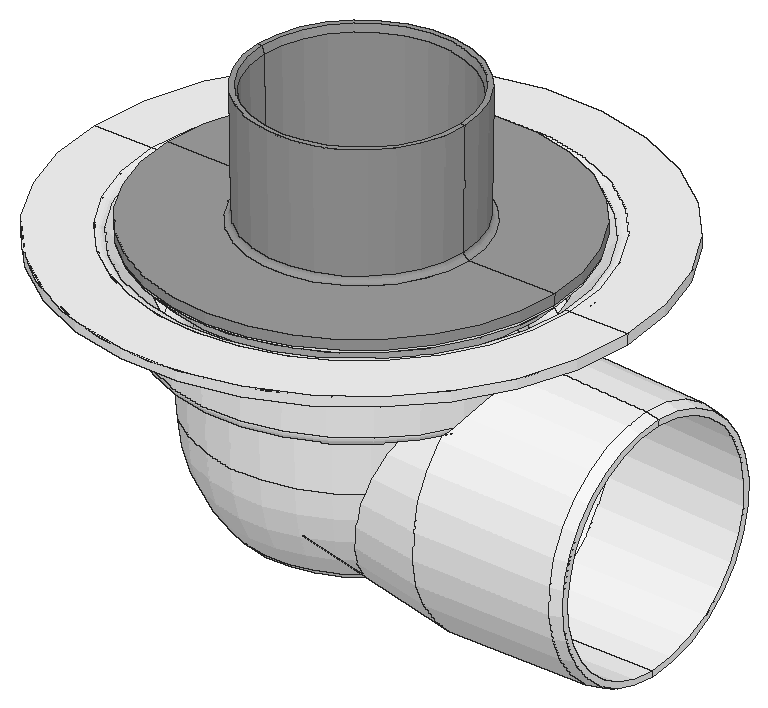
Revit family "3000.119.6-1120.6 Down Pipe Junction 80x100 SE", category Plumbing Fixtures, Revit 2020
Family settings
  Round Connector Dimension = Use Diameter
  Part Type = Normal
  OmniClass Number = 23.13.41.39
  Work Plane-Based = No
  Always vertical = Yes
  Cut with Voids When Loaded = No
  Shared = No
  Room Calculation Point = No
Parameters (values of type "3000.120.6 80x100 Non-Vented")
  Waste Connection = yes
  Vented = no
  Vent Connection = no
  URL = "www.aquaknight.co.nz"
  Phone = "+6498322214"  # constant formula
  Non-Vented = yes
  Model = "3000.120.6"
  Manufacturer = "Aquanight Industries Ltd"  # constant formula
  HW Connection = no
  Email = "info@aquaknight.co.nz"  # constant formula
  Description = "Down-Pipe Junction 80mm Inlet w 100mm Outlet Non-Vented Side Exit Big Flange"
  Default Elevation = 0 mm
  CW Connection = no
Types (2, lengths in mm): name | Vented | Non-Vented | Model | Description
  3000.120.6 80x100 Non-Vented | no | yes | "3000.120.6" | "Down-Pipe Junction 80mm Inlet w 100mm Outlet Non-Vented Side Exit Big Flange"
  3000.119.6 80x100 Vented | yes | no | "3000.119.6" | "Down-Pipe Junction 80mm Inlet w 100mm Outlet Vented Side Exit Big Flange"
Reference planes
  plane 1 "Center (Front/Back)": y = 0
  plane 2: z = 0
  plane 3 "Center (Left/Right)": x = 0
  plane 4: z = 13.565
  plane 5: through (127.099, -1524, -78.504) normal (-0.0262, 0, -0.9997)
  plane 6: through (99.276, -1524, -17.442) normal (0.9997, 0, -0.0262)
Forms (mm)
  Revolve 1, solid, material "Plastic, Glossy White"
    sketch origin (0, 0, -4) x (1, 0, 0) y (0, 0, 1)
      loop
        line (-114.941, 0) -> (-90.95, 0)
        arc (-90.95, 0) -> (-89.953, -0.207) -> (-89.122, -0.795) r 2.5
        line (-89.122, -0.795) -> (-77.37, -13.398)
        arc (-77.37, -13.398) -> (-76.888, -14.146) -> (-76.7, -15.015) r 2.5
        line (-76.7, -15.015) -> (-76.041, -33.863)
        arc (-76.041, -33.863) -> (-74.945, -36.477) -> (-72.392, -37.708) r 4
        line (-72.392, -37.708) -> (-67.747, -38.114)
        arc (-67.747, -38.114) -> (-64.555, -39.654) -> (-63.185, -42.921) r 5
        line (-63.185, -42.921) -> (-62.476, -63.239)
        arc (-62.476, -63.239) -> (-58.06, -84.467) -> (-46.809, -103.001) r 64
        arc (-46.809, -103.001) -> (-43.138, -106) -> (-38.676, -107.602) r 14
        line (-38.676, -107.602) -> (0, -114.422) -> (0, -110.36) -> (-37.763, -103.701)
        arc (-37.763, -103.701) -> (-40.976, -102.549) -> (-43.623, -100.393) r 10.105
        arc (-43.623, -100.393) -> (-54.208, -83.003) -> (-58.363, -63.074) r 59.956
        line (-58.363, -63.074) -> (-59.078, -42.67)
        arc (-59.078, -42.67) -> (-61.586, -36.858) -> (-67.298, -34.13) r 9.009
        line (-67.298, -34.13) -> (-71.95, -33.723) -> (-72.694, -12.447) -> (-86.577, 2.424)
        arc (-86.577, 2.424) -> (-88.235, 3.588) -> (-90.217, 4) r 5.009
        line (-90.217, 4) -> (-115, 4) -> (-114.941, 0)
      loop
        line (-83.294, 3.294) -> (-75.5, -4.5) -> (-73.659, -4.5) -> (-73.659, 0) -> (-75.161, 0) -> (-75.161, 4.5) -> (-83.294, 4.5) -> (-83.294, 3.294)
      axis (0, 4.5) -> (0, -114.422)
    angle from 0 to 360
  Revolve 2, solid, material "Stainless Steel", visible <- "Non-Vented"
    sketch origin (0, 0, 0) x (1, 0, 0) y (0, 0, 1)
      loop
        line (-46.464, 4.5) -> (-83.625, 4.5) -> (-83.625, 0.5) -> (-41.782, 0.5) -> (-38.247, -3.036) -> (-37.445, -3.036) -> (-37.445, 1.118) -> (-41.317, 4.99) -> (-41.948, 52.927) -> (-42.799, 55.995) -> (-44.78, 55.995) -> (-44.137, 6.858)
        arc (-44.137, 6.858) -> (-44.807, 5.192) -> (-46.464, 4.5) r 2.327
      axis (0, 55.995) -> (0, -3.036)
    angle from 0 to 360
  Revolve 3, solid, material "Plastic, Glossy White"
    sketch origin (0, 0, 0) x (1, 0, 0) y (0, 0, 1)
      loop
        line (62.877, -129.509) -> (120.754, -129.866) -> (125.789, -128.55) -> (125.849, -126.257) -> (67.483, -126.259) -> (0, -114.36) -> (0, -118.422) -> (62.877, -129.509)
      axis (127.099, -78.504) -> (1.025, -75.202)
    angle from 0 to 360
  Revolve 4, solid, material "Stainless Steel", visible <- "Vented"
    sketch origin (0, 0, 0) x (1, 0, 0) y (0, 0, 1)
      loop
        line (-44.78, 51.495) -> (-44.191, 6.5) -> (-44.392, 1.764)
        arc (-44.392, 1.764) -> (-44.957, 0.512) -> (-46.232, 0) r 1.842
        line (-46.232, 0) -> (-74.75, 0) -> (-74.75, -4) -> (-41.975, -4) -> (-38.526, -7.448) -> (-37.4, -7.448) -> (-37.771, -3.048) -> (-41.317, 0.488) -> (-41.948, 48.443) -> (-42.799, 51.495) -> (-44.78, 51.495)
      axis (0, 51.495) -> (0, -7.448)
    angle from 0 to 360
  Extrusion 5, void
    sketch origin (0, 0, 0) x (0, 1, 0) y (-1, 0, 0)
      loop
        line (45.078, 12.317) -> (45.855, 8.951) -> (69.299, 12.343)
        arc (69.299, 12.343) -> (68.531, 16.057) -> (67.563, 19.725) r 70.4
        line (67.563, 19.725) -> (45.078, 12.317)
      loop
        line (42.254, 19.958) -> (43.604, 16.778) -> (66.103, 24.189)
        arc (66.103, 24.189) -> (64.701, 27.714) -> (63.112, 31.157) r 70.4
        line (63.112, 31.157) -> (42.254, 19.958)
      loop
        arc (60.898, 35.301) -> (58.906, 38.528) -> (56.743, 41.643) r 70.4
        line (56.743, 41.643) -> (38.147, 26.992) -> (40.028, 24.095) -> (60.898, 35.301)
      loop
        arc (53.843, 45.339) -> (51.321, 48.171) -> (48.649, 50.864) r 70.4
        line (48.649, 50.864) -> (32.88, 33.206) -> (35.236, 30.679) -> (53.843, 45.339)
      loop
        arc (45.152, 54) -> (42.176, 56.351) -> (39.078, 58.539) r 70.4
        line (39.078, 58.539) -> (26.614, 38.411) -> (29.374, 36.332) -> (45.152, 54)
      loop
        arc (35.089, 61.02) -> (31.75, 62.819) -> (28.319, 64.435) r 70.4
        line (28.319, 64.435) -> (19.54, 42.449) -> (22.618, 40.881) -> (35.089, 61.02)
      loop
        arc (23.96, 66.186) -> (20.359, 67.378) -> (16.7, 68.374) r 70.4
        line (16.7, 68.374) -> (11.872, 45.197) -> (15.176, 44.187) -> (23.96, 66.186)
      loop
        arc (12.103, 69.341) -> (8.35, 69.89) -> (4.573, 70.235) r 70.4
        line (4.573, 70.235) -> (3.843, 46.572) -> (7.272, 46.151) -> (12.103, 69.341)
      loop
        arc (-0.122, 70.39) -> (-3.913, 70.278) -> (-7.693, 69.962) r 70.4
        line (-7.693, 69.962) -> (-4.302, 46.532) -> (-0.852, 46.713) -> (-0.122, 70.39)
      loop
        arc (-12.343, 69.299) -> (-16.057, 68.531) -> (-19.725, 67.563) r 70.4
        line (-19.725, 67.563) -> (-12.317, 45.078) -> (-8.951, 45.855) -> (-12.343, 69.299)
      loop
        line (-19.958, 42.254) -> (-16.778, 43.604) -> (-24.189, 66.103)
        arc (-24.189, 66.103) -> (-27.714, 64.701) -> (-31.157, 63.112) r 70.4
        line (-31.157, 63.112) -> (-19.958, 42.254)
      loop
        arc (-35.301, 60.898) -> (-38.528, 58.906) -> (-41.643, 56.743) r 70.4
        line (-41.643, 56.743) -> (-26.992, 38.147) -> (-24.095, 40.028) -> (-35.301, 60.898)
      loop
        arc (-45.339, 53.843) -> (-48.171, 51.321) -> (-50.864, 48.649) r 70.4
        line (-50.864, 48.649) -> (-33.206, 32.88) -> (-30.679, 35.236) -> (-45.339, 53.843)
      loop
        arc (-54, 45.152) -> (-56.351, 42.176) -> (-58.539, 39.078) r 70.4
        line (-58.539, 39.078) -> (-38.411, 26.614) -> (-36.332, 29.374) -> (-54, 45.152)
      loop
        arc (-61.02, 35.089) -> (-62.819, 31.75) -> (-64.435, 28.319) r 70.4
        line (-64.435, 28.319) -> (-42.449, 19.54) -> (-40.881, 22.618) -> (-61.02, 35.089)
      loop
        arc (-66.186, 23.96) -> (-67.378, 20.359) -> (-68.374, 16.7) r 70.4
        line (-68.374, 16.7) -> (-45.197, 11.872) -> (-44.187, 15.176) -> (-66.186, 23.96)
      loop
        arc (-69.341, 12.103) -> (-69.89, 8.35) -> (-70.235, 4.573) r 70.4
        line (-70.235, 4.573) -> (-46.572, 3.843) -> (-46.151, 7.272) -> (-69.341, 12.103)
      loop
        arc (-70.39, -0.122) -> (-70.278, -3.913) -> (-69.962, -7.693) r 70.4
        line (-69.962, -7.693) -> (-46.532, -4.302) -> (-46.713, -0.852) -> (-70.39, -0.122)
      loop
        arc (-69.299, -12.343) -> (-68.531, -16.057) -> (-67.563, -19.725) r 70.4
        line (-67.563, -19.725) -> (-45.078, -12.317) -> (-45.855, -8.951) -> (-69.299, -12.343)
      loop
        arc (-66.103, -24.189) -> (-64.701, -27.714) -> (-63.112, -31.157) r 70.4
        line (-63.112, -31.157) -> (-42.254, -19.958) -> (-43.604, -16.778) -> (-66.103, -24.189)
      loop
        arc (-60.898, -35.301) -> (-58.906, -38.528) -> (-56.743, -41.643) r 70.4
        line (-56.743, -41.643) -> (-38.147, -26.992) -> (-40.028, -24.095) -> (-60.898, -35.301)
      loop
        arc (-53.843, -45.339) -> (-51.321, -48.171) -> (-48.649, -50.864) r 70.4
        line (-48.649, -50.864) -> (-32.88, -33.206) -> (-35.236, -30.679) -> (-53.843, -45.339)
      loop
        arc (-45.152, -54) -> (-42.176, -56.351) -> (-39.078, -58.539) r 70.4
        line (-39.078, -58.539) -> (-26.614, -38.411) -> (-29.374, -36.332) -> (-45.152, -54)
      loop
        arc (-35.089, -61.02) -> (-31.75, -62.819) -> (-28.319, -64.435) r 70.4
        line (-28.319, -64.435) -> (-19.54, -42.449) -> (-22.618, -40.881) -> (-35.089, -61.02)
      loop
        arc (-23.96, -66.186) -> (-20.359, -67.378) -> (-16.7, -68.374) r 70.4
        line (-16.7, -68.374) -> (-11.872, -45.197) -> (-15.176, -44.187) -> (-23.96, -66.186)
      loop
        arc (-12.103, -69.341) -> (-8.35, -69.89) -> (-4.573, -70.235) r 70.4
        line (-4.573, -70.235) -> (-3.843, -46.572) -> (-7.272, -46.151) -> (-12.103, -69.341)
      loop
        arc (0.122, -70.39) -> (3.913, -70.278) -> (7.693, -69.962) r 70.4
        line (7.693, -69.962) -> (4.302, -46.532) -> (0.852, -46.713) -> (0.122, -70.39)
      loop
        arc (12.343, -69.299) -> (16.057, -68.531) -> (19.725, -67.563) r 70.4
        line (19.725, -67.563) -> (12.317, -45.078) -> (8.951, -45.855) -> (12.343, -69.299)
      loop
        line (46.532, 4.302) -> (46.713, 0.852) -> (70.39, 0.122)
        arc (70.39, 0.122) -> (70.278, 3.913) -> (69.962, 7.693) r 70.4
        line (69.962, 7.693) -> (46.532, 4.302)
      loop
        line (46.572, -3.843) -> (46.151, -7.272) -> (69.341, -12.103)
        arc (69.341, -12.103) -> (69.89, -8.35) -> (70.235, -4.573) r 70.4
        line (70.235, -4.573) -> (46.572, -3.843)
      loop
        line (44.187, -15.176) -> (66.186, -23.96)
        arc (66.186, -23.96) -> (67.378, -20.359) -> (68.374, -16.7) r 70.4
        line (68.374, -16.7) -> (45.197, -11.872) -> (44.187, -15.176)
      loop
        line (42.449, -19.54) -> (40.881, -22.618) -> (61.02, -35.089)
        arc (61.02, -35.089) -> (62.819, -31.75) -> (64.435, -28.319) r 70.4
        line (64.435, -28.319) -> (42.449, -19.54)
      loop
        line (38.411, -26.614) -> (36.332, -29.374) -> (54, -45.152)
        arc (54, -45.152) -> (56.351, -42.176) -> (58.539, -39.078) r 70.4
        line (58.539, -39.078) -> (38.411, -26.614)
      loop
        line (30.679, -35.236) -> (45.339, -53.843)
        arc (45.339, -53.843) -> (48.171, -51.321) -> (50.864, -48.649) r 70.4
        line (50.864, -48.649) -> (33.206, -32.88) -> (30.679, -35.236)
      loop
        line (24.095, -40.028) -> (35.301, -60.898)
        arc (35.301, -60.898) -> (38.528, -58.906) -> (41.643, -56.743) r 70.4
        line (41.643, -56.743) -> (26.992, -38.147) -> (24.095, -40.028)
      loop
        line (16.778, -43.604) -> (24.189, -66.103)
        arc (24.189, -66.103) -> (27.714, -64.701) -> (31.157, -63.112) r 70.4
        line (31.157, -63.112) -> (19.958, -42.254) -> (16.778, -43.604)
    from -16.447 to 75.924
Cuts and joins
  Extrusion 5 cuts Revolve 4
Lines and regions (mm)
  Masking region 1
    outline origin (0, 0, 0) x (0, 1, 0) y (-1, 0, 0)
      loop
        circle (0, 0) r 115
  model lines, detail levels fine
    curve 1: circle (-57.543, 56.127, 0) r 4 normal (0, 0, 1)
    curve 2: circle (55.594, 56.127, 0) r 4 normal (0, 0, 1)
    curve 3: circle (55.594, -57.01, 0) r 4 normal (0, 0, 1)
    curve 4: circle (-57.543, -57.01, 0) r 4 normal (0, 0, 1)
    curve 6: circle (-0.114, 104.919, 0) r 4.5 normal (0, 0, 1)
    curve 7: circle (-91.047, 52.419, 0) r 4.5 normal (0, 0, 1)
    curve 8: circle (90.819, 52.419, 0) r 4.5 normal (0, 0, 1)
    curve 9: circle (90.819, -52.581, 0) r 4.5 normal (0, 0, 1)
    curve 10: circle (-0.114, -105.081, 0) r 4.5 normal (0, 0, 1)
    curve 11: circle (-91.047, -52.581, 0) r 4.5 normal (0, 0, 1)
    curve 12: circle (0, 105, 0) r 4.5 normal (0, 0, 1)
  model lines
    curve 5: line (125.849, 0, -126.257) -> (128.35, 0, -30.751)
  symbolic lines, detail levels fine
    curve 13: circle (-90.933, 52.5, 0) r 4.5 normal (0, 0, 1)
    curve 14: circle (-90.933, -52.5, 0) r 4.5 normal (0, 0, 1)
    curve 15: circle (0, -105, 0) r 4.5 normal (0, 0, 1)
    curve 16: circle (90.933, -52.5, 0) r 4.5 normal (0, 0, 1)
    curve 17: circle (90.933, 52.5, 0) r 4.5 normal (0, 0, 1)
    curve 18: circle (0, 105, 0) r 4.5 normal (0, 0, 1)
  symbolic lines, detail levels medium+fine
    curve 19: circle (0, 0, 0) r 86.577 normal (0, 0, 1)
    curve 21: circle (0, 0, 0) r 41.975 normal (0, 0, 1)
    curve 22: circle (0, 0, 0) r 37.4 normal (0, 0, 1)
  symbolic lines, visible <- "Non-Vented", detail levels medium+fine
    curve 20: circle (0, 0, 0) r 75.5 normal (0, 0, 1)
Dimensions and locks
  locked: plane 4 to level at 13.565
  locked: connector elem to plane 3 "Center (Left/Right)"
  locked: connector elem to plane 1 "Center (Front/Back)"  (x2)
  locked: connector elem to plane 5
  aligned and locked: level to plane 2
  aligned and locked: Revolve 1 sketch curve to Revolve 1 sketch curve
  aligned and locked: Revolve 3 sketch curve to curve 5
  aligned and locked: Revolve 3 sketch curve to plane 3 "Center (Left/Right)"
  aligned and locked: Revolve 3 sketch curve to plane 5
  aligned and locked: Revolve 1 to Revolve 4 sketch curve
  aligned and locked: curve 18 to curve 12
Automatic sketch dimensions
  plane 1 "Center (Front/Back)" to curve 4 = 57.01 mm
  curve 2 to plane 1 "Center (Front/Back)" = 56.127 mm
  curve 4 to plane 3 "Center (Left/Right)" = 57.543 mm
  Revolve 1 sketch curve to level = 0 mm
  Revolve 1 sketch curve to plane 3 "Center (Left/Right)" = 0 mm
  Revolve 1 sketch curve to level = 4.795 mm
  Revolve 1 sketch curve to level = 0.706 mm
  Revolve 1 sketch curve to level = 17.398 mm
  Revolve 1 sketch curve to level = 19.015 mm
  Revolve 1 sketch curve to level = 37.863 mm
  Revolve 1 sketch curve to level = 8.5 mm
  Revolve 1 sketch curve to level = 41.708 mm
  Revolve 1 sketch curve to Revolve 1 sketch curve = 0.106 mm
  Revolve 1 sketch curve to level = 42.114 mm
  level to Revolve 1 sketch curve = 0.5 mm
  Revolve 1 sketch curve to Revolve 1 sketch curve = 0.448 mm
  Revolve 1 sketch curve to level = 38.13 mm
  Revolve 1 sketch curve to Revolve 1 sketch curve = 0.001 mm
  Revolve 1 sketch curve to Revolve 1 sketch curve = 3.186 mm
  Revolve 1 sketch curve to Revolve 1 sketch curve = 0 mm  (x9)
  Revolve 1 sketch curve to Revolve 1 sketch curve = 0.71 mm
  Revolve 1 sketch curve to Revolve 1 sketch curve = 4.947 mm
  Revolve 1 sketch curve to Revolve 1 sketch curve = 4.112 mm
  Revolve 1 sketch curve to Revolve 1 sketch curve = 0.913 mm
  Revolve 3 sketch curve to plane 3 "Center (Left/Right)" = 9.429 mm
  Revolve 3 sketch curve to level = 78.504 mm
  Revolve 2 sketch curve to plane 3 "Center (Left/Right)" = 0 mm
  Revolve 2 sketch curve to plane 4 = 6.737 mm
  level to Revolve 2 sketch curve = 0.5 mm
  Revolve 2 sketch curve to Revolve 2 sketch curve = 37.161 mm
  Revolve 2 sketch curve to plane 4 = 6.707 mm
  Revolve 2 sketch curve to Revolve 2 sketch curve = 4.681 mm
  Revolve 2 sketch curve to Revolve 2 sketch curve = 3.536 mm
  Revolve 2 sketch curve to Revolve 2 sketch curve = 0.802 mm
  Revolve 2 sketch curve to level = 3.036 mm
  level to Revolve 2 sketch curve = 1.118 mm
  level to Revolve 2 sketch curve = 4.99 mm
  Revolve 2 sketch curve to plane 4 = 2.069 mm
  Revolve 2 sketch curve to Revolve 2 sketch curve = 25.5 mm
  Revolve 1 sketch curve to plane 3 "Center (Left/Right)" = 36.008 mm
  Revolve 1 sketch curve to Revolve 1 sketch curve = 0.237 mm
  Revolve 1 sketch curve to Revolve 1 sketch curve = 2.431 mm
  Revolve 1 sketch curve to Revolve 1 sketch curve = 22.833 mm
  Revolve 1 sketch curve to Revolve 1 sketch curve = 3.398 mm
  Revolve 1 sketch curve to Revolve 1 sketch curve = 4.561 mm
  Revolve 1 sketch curve to Revolve 1 sketch curve = 4.891 mm
  Revolve 1 sketch curve to Revolve 1 sketch curve = 4.652 mm
  Revolve 1 sketch curve to Revolve 1 sketch curve = 0.093 mm
  Revolve 1 sketch curve to Revolve 1 sketch curve = 0.349 mm
  Revolve 1 sketch curve to level = 16.447 mm
  Revolve 1 sketch curve to Revolve 1 sketch curve = 0.65 mm
  Revolve 1 sketch curve to Revolve 1 sketch curve = 0.964 mm
  Revolve 1 sketch curve to Revolve 1 sketch curve = 1.502 mm
  Revolve 1 sketch curve to Revolve 1 sketch curve = 1.841 mm
  Revolve 1 sketch curve to Revolve 1 sketch curve = 3.998 mm
  Revolve 1 sketch curve to Revolve 1 sketch curve = 4.005 mm
  Revolve 1 sketch curve to Revolve 1 sketch curve = 0.67 mm
  Revolve 1 sketch curve to Revolve 1 sketch curve = 1.828 mm
  Revolve 1 sketch curve to Revolve 1 sketch curve = 8.133 mm
  Revolve 1 sketch curve to level = 1.576 mm
  Revolve 1 sketch curve to Revolve 1 sketch curve = 3.283 mm
  Revolve 1 sketch curve to Revolve 1 sketch curve = 2.545 mm
  Revolve 1 sketch curve to Revolve 1 sketch curve = 3.64 mm
  Revolve 1 sketch curve to Revolve 1 sketch curve = 1.102 mm
  Revolve 1 sketch curve to Revolve 1 sketch curve = 0.726 mm
  Revolve 1 sketch curve to level = 4 mm  (x2)
  Revolve 1 sketch curve to Revolve 1 sketch curve = 23.991 mm
  Revolve 1 sketch curve to Revolve 1 sketch curve = 0.059 mm
  plane 3 "Center (Left/Right)" to Revolve 1 sketch curve = 1.485 mm
  Revolve 1 sketch curve to Revolve 1 sketch curve = 0.071 mm
  Revolve 1 sketch curve to Revolve 1 sketch curve = 30.51 mm
  Revolve 1 sketch curve to Revolve 1 sketch curve = 0.065 mm
  Revolve 1 sketch curve to Revolve 1 sketch curve = 13.787 mm
  Revolve 1 sketch curve to Revolve 1 sketch curve = 2.758 mm
  Revolve 1 sketch curve to Revolve 1 sketch curve = 4.062 mm
  Revolve 1 sketch curve to Revolve 1 sketch curve = 0.028 mm
  Revolve 1 sketch curve to Revolve 1 sketch curve = 0.01 mm
  Revolve 1 sketch curve to Revolve 1 sketch curve = 0.251 mm
  Revolve 1 sketch curve to Revolve 1 sketch curve = 2.609 mm
  Revolve 2 sketch curve to plane 3 "Center (Left/Right)" = 37.445 mm
  Revolve 2 sketch curve to Revolve 2 sketch curve = 0.465 mm
  Revolve 2 sketch curve to plane 3 "Center (Left/Right)" = 41.948 mm
  Revolve 2 sketch curve to Revolve 2 sketch curve = 0.851 mm
  Revolve 2 sketch curve to Revolve 2 sketch curve = 2.327 mm
  Revolve 2 sketch curve to Revolve 2 sketch curve = 1.98 mm
  Revolve 2 sketch curve to Revolve 2 sketch curve = 3.068 mm
  plane 3 "Center (Left/Right)" to Revolve 3 sketch curve = 62.877 mm
  Revolve 3 sketch curve to Revolve 3 sketch curve = 4.607 mm
  Revolve 3 sketch curve to Revolve 3 sketch curve = 6.346 mm
  Revolve 3 sketch curve to Revolve 3 sketch curve = 5.035 mm
  Revolve 3 sketch curve to Revolve 3 sketch curve = 0.06 mm
  Revolve 3 sketch curve to Revolve 3 sketch curve = 0.958 mm
  Revolve 3 sketch curve to Revolve 3 sketch curve = 1.316 mm
  Revolve 3 sketch curve to Revolve 3 sketch curve = 3.249 mm
  Revolve 3 sketch curve to Revolve 3 sketch curve = 43.493 mm
  Revolve 3 sketch curve to Revolve 3 sketch curve = 4.062 mm
  Revolve 4 sketch curve to level = 0 mm
  Revolve 4 sketch curve to plane 3 "Center (Left/Right)" = 0 mm
  Revolve 4 sketch curve to Revolve 4 sketch curve = 4.915 mm
  level to Revolve 4 sketch curve = 1.842 mm
  Revolve 4 sketch curve to plane 4 = 3.749 mm
  Revolve 4 sketch curve to Revolve 4 sketch curve = 11.373 mm
  Revolve 4 sketch curve to level = 7.448 mm
  Revolve 4 sketch curve to plane 3 "Center (Left/Right)" = 37.4 mm
  Revolve 4 sketch curve to level = 3.048 mm
  Revolve 4 sketch curve to Revolve 4 sketch curve = 0.372 mm
  Revolve 4 sketch curve to Revolve 4 sketch curve = 1.127 mm
  level to Revolve 4 sketch curve = 0.488 mm
  Revolve 4 sketch curve to Revolve 4 sketch curve = 3.546 mm
  Revolve 4 sketch curve to plane 3 "Center (Left/Right)" = 41.948 mm
  Revolve 4 sketch curve to Revolve 4 sketch curve = 4.203 mm
  Revolve 4 sketch curve to Revolve 4 sketch curve = 0.851 mm
  level to Revolve 4 sketch curve = 6.5 mm
  Revolve 4 sketch curve to Revolve 4 sketch curve = 2.874 mm
  level to Revolve 4 sketch curve = 1.764 mm
  Revolve 4 sketch curve to Revolve 4 sketch curve = 1.98 mm
  Revolve 4 sketch curve to Revolve 4 sketch curve = 28.518 mm
  plane 4 to Revolve 4 sketch curve = 34.878 mm
  Revolve 4 sketch curve to Revolve 4 sketch curve = 3.052 mm
  curve 1 to plane 1 "Center (Front/Back)" = 56.127 mm
  curve 1 to plane 3 "Center (Left/Right)" = 57.543 mm
  plane 3 "Center (Left/Right)" to curve 2 = 55.594 mm
  plane 1 "Center (Front/Back)" to curve 3 = 57.01 mm
  plane 3 "Center (Left/Right)" to curve 3 = 55.594 mm
  Revolve 1 to Extrusion 5 sketch curve = 0 mm  (x2)
  Extrusion 5 sketch curve to Revolve 1 = 45.078 mm
  Extrusion 5 sketch curve to Extrusion 5 sketch curve = 0.777 mm  (x4)
  Extrusion 5 sketch curve to Extrusion 5 sketch curve = 22.485 mm
  Extrusion 5 sketch curve to Extrusion 5 sketch curve = 1.736 mm  (x3)
  Extrusion 5 sketch curve to Extrusion 5 sketch curve = 9.009 mm
  Extrusion 5 sketch curve to Extrusion 5 sketch curve = 3.366 mm  (x4)
  Extrusion 5 sketch curve to Extrusion 5 sketch curve = 3.392 mm
  Extrusion 5 sketch curve to Revolve 1 = 0.01 mm  (x2)
  Extrusion 5 sketch curve to Extrusion 5 sketch curve = 2.824 mm  (x2)
  Extrusion 5 sketch curve to Extrusion 5 sketch curve = 1.35 mm  (x4)
  Extrusion 5 sketch curve to Extrusion 5 sketch curve = 4.452 mm  (x2)
  Extrusion 5 sketch curve to Extrusion 5 sketch curve = 1.46 mm  (x3)
  Extrusion 5 sketch curve to Extrusion 5 sketch curve = 0.001 mm  (x6)
  Extrusion 5 sketch curve to Extrusion 5 sketch curve = 4.46 mm  (x2)
  Extrusion 5 sketch curve to Extrusion 5 sketch curve = 3.18 mm  (x4)
  Extrusion 5 sketch curve to Extrusion 5 sketch curve = 4.465 mm  (x4)
  Extrusion 5 sketch curve to Extrusion 5 sketch curve = 0.01 mm  (x7)
  Extrusion 5 sketch curve to Extrusion 5 sketch curve = 4.108 mm  (x2)
  Extrusion 5 sketch curve to Extrusion 5 sketch curve = 1.882 mm  (x4)
  Extrusion 5 sketch curve to Extrusion 5 sketch curve = 6.369 mm  (x2)
  Extrusion 5 sketch curve to Extrusion 5 sketch curve = 2.213 mm  (x3)
  Extrusion 5 sketch curve to Extrusion 5 sketch curve = 0.003 mm  (x4)
  Extrusion 5 sketch curve to Extrusion 5 sketch curve = 4.137 mm
  Extrusion 5 sketch curve to Extrusion 5 sketch curve = 2.897 mm  (x4)
  Extrusion 5 sketch curve to Extrusion 5 sketch curve = 4.143 mm  (x4)
  Extrusion 5 sketch curve to Extrusion 5 sketch curve = 0.009 mm  (x6)
  Extrusion 5 sketch curve to Extrusion 5 sketch curve = 5.267 mm  (x2)
  Extrusion 5 sketch curve to Extrusion 5 sketch curve = 2.356 mm  (x4)
  Extrusion 5 sketch curve to Extrusion 5 sketch curve = 8.093 mm  (x2)
  Extrusion 5 sketch curve to Extrusion 5 sketch curve = 2.899 mm  (x3)
  Extrusion 5 sketch curve to Extrusion 5 sketch curve = 0.004 mm  (x6)
  Extrusion 5 sketch curve to Extrusion 5 sketch curve = 3.687 mm
  Extrusion 5 sketch curve to Extrusion 5 sketch curve = 2.527 mm  (x4)
  Extrusion 5 sketch curve to Extrusion 5 sketch curve = 3.696 mm  (x4)
  Extrusion 5 sketch curve to Extrusion 5 sketch curve = 0.008 mm  (x6)
  Extrusion 5 sketch curve to Extrusion 5 sketch curve = 6.266 mm  (x2)
  Extrusion 5 sketch curve to Extrusion 5 sketch curve = 2.759 mm  (x4)
  Extrusion 5 sketch curve to Extrusion 5 sketch curve = 9.571 mm  (x2)
  Extrusion 5 sketch curve to Extrusion 5 sketch curve = 3.497 mm  (x3)
  Extrusion 5 sketch curve to Extrusion 5 sketch curve = 0.006 mm  (x6)
  Extrusion 5 sketch curve to Extrusion 5 sketch curve = 3.126 mm
  Extrusion 5 sketch curve to Extrusion 5 sketch curve = 2.079 mm  (x4)
  Extrusion 5 sketch curve to Extrusion 5 sketch curve = 3.136 mm  (x4)
  Extrusion 5 sketch curve to Extrusion 5 sketch curve = 0.007 mm  (x6)
  Extrusion 5 sketch curve to Extrusion 5 sketch curve = 7.074 mm  (x2)
  Extrusion 5 sketch curve to Extrusion 5 sketch curve = 3.078 mm  (x4)
  Extrusion 5 sketch curve to Extrusion 5 sketch curve = 10.759 mm  (x2)
  Extrusion 5 sketch curve to Extrusion 5 sketch curve = 3.989 mm  (x3)
  Extrusion 5 sketch curve to Extrusion 5 sketch curve = 2.47 mm
  Extrusion 5 sketch curve to Extrusion 5 sketch curve = 1.568 mm  (x4)
  Extrusion 5 sketch curve to Extrusion 5 sketch curve = 2.482 mm  (x4)
  Extrusion 5 sketch curve to Extrusion 5 sketch curve = 7.668 mm  (x2)
  Extrusion 5 sketch curve to Extrusion 5 sketch curve = 3.304 mm  (x4)
  Extrusion 5 sketch curve to Extrusion 5 sketch curve = 11.619 mm  (x2)
  Extrusion 5 sketch curve to Extrusion 5 sketch curve = 4.359 mm  (x3)
  Extrusion 5 sketch curve to Extrusion 5 sketch curve = 1.738 mm
  Extrusion 5 sketch curve to Extrusion 5 sketch curve = 1.01 mm  (x4)
  Extrusion 5 sketch curve to Extrusion 5 sketch curve = 1.751 mm  (x4)
  Extrusion 5 sketch curve to Revolve 1 = 3.843 mm
  Extrusion 5 sketch curve to Revolve 1 = 4.573 mm
  Extrusion 5 sketch curve to Extrusion 5 sketch curve = 3.429 mm  (x4)
  Extrusion 5 sketch curve to Extrusion 5 sketch curve = 4.597 mm  (x3)
  Extrusion 5 sketch curve to Extrusion 5 sketch curve = 0.954 mm
  Extrusion 5 sketch curve to Extrusion 5 sketch curve = 0.421 mm  (x4)
  Extrusion 5 sketch curve to Extrusion 5 sketch curve = 0.968 mm  (x4)
  Revolve 1 to Extrusion 5 sketch curve = 0.852 mm
  Extrusion 5 sketch curve to Extrusion 5 sketch curve = 3.45 mm  (x4)
  Extrusion 5 sketch curve to Extrusion 5 sketch curve = 7.571 mm  (x3)
  Extrusion 5 sketch curve to Extrusion 5 sketch curve = 0.273 mm
  Extrusion 5 sketch curve to Extrusion 5 sketch curve = 4.649 mm  (x2)
  Extrusion 5 sketch curve to Extrusion 5 sketch curve = 4.651 mm  (x3)
  Extrusion 5 sketch curve to Extrusion 5 sketch curve = 7.381 mm  (x3)
  Extrusion 5 sketch curve to Extrusion 5 sketch curve = 1.454 mm
  Extrusion 5 sketch curve to Extrusion 5 sketch curve = 2.399 mm
  Extrusion 5 sketch curve to Extrusion 5 sketch curve = 1.494 mm
  Revolve 1 to Extrusion 5 sketch curve = 12.343 mm
  Extrusion 5 sketch curve to Extrusion 5 sketch curve = 0.181 mm  (x4)
  Extrusion 5 sketch curve to Extrusion 5 sketch curve = 7.641 mm
  Extrusion 5 sketch curve to Extrusion 5 sketch curve = 6.968 mm  (x2)
  Extrusion 5 sketch curve to Extrusion 5 sketch curve = 6.342 mm  (x2)
  Extrusion 5 sketch curve to Extrusion 5 sketch curve = 7.034 mm  (x2)
  Extrusion 5 sketch curve to Extrusion 5 sketch curve = 5.525 mm  (x2)
  Extrusion 5 sketch curve to Extrusion 5 sketch curve = 6.214 mm  (x2)
  Extrusion 5 sketch curve to Extrusion 5 sketch curve = 4.539 mm  (x2)
  Extrusion 5 sketch curve to Extrusion 5 sketch curve = 5.205 mm  (x2)
  Extrusion 5 sketch curve to Extrusion 5 sketch curve = 3.415 mm  (x2)
  Extrusion 5 sketch curve to Extrusion 5 sketch curve = 4.038 mm  (x2)
  Extrusion 5 sketch curve to Extrusion 5 sketch curve = 2.187 mm  (x2)
  Extrusion 5 sketch curve to Extrusion 5 sketch curve = 2.748 mm  (x2)
  Extrusion 5 sketch curve to Extrusion 5 sketch curve = 0.893 mm  (x2)
  Extrusion 5 sketch curve to Extrusion 5 sketch curve = 1.375 mm  (x2)
  Extrusion 5 sketch curve to Extrusion 5 sketch curve = 8.029 mm
  Extrusion 5 sketch curve to Extrusion 5 sketch curve = 12.127 mm
  Extrusion 5 sketch curve to Extrusion 5 sketch curve = 0.155 mm  (x3)
  Extrusion 5 sketch curve to Extrusion 5 sketch curve = 0.428 mm  (x3)
  Extrusion 5 sketch curve to Extrusion 5 sketch curve = 0.141 mm  (x2)
  Extrusion 5 sketch curve to Extrusion 5 sketch curve = 3.39 mm
  Extrusion 5 sketch curve to Extrusion 5 sketch curve = 0.116 mm
  Extrusion 5 sketch curve to Extrusion 5 sketch curve = 0.663 mm  (x3)
  Extrusion 5 sketch curve to Extrusion 5 sketch curve = 0.677 mm  (x3)
  Extrusion 5 sketch curve to Extrusion 5 sketch curve = 7.407 mm
  Extrusion 5 sketch curve to Extrusion 5 sketch curve = 2.991 mm
  Extrusion 5 sketch curve to Extrusion 5 sketch curve = 1.474 mm  (x2)
  Revolve 1 to Extrusion 5 sketch curve = 0.01 mm  (x2)
  Extrusion 5 sketch curve to Extrusion 5 sketch curve = 11.199 mm
  Extrusion 5 sketch curve to Extrusion 5 sketch curve = 4.156 mm
  Extrusion 5 sketch curve to Extrusion 5 sketch curve = 2.226 mm
  Extrusion 5 sketch curve to Extrusion 5 sketch curve = 5.194 mm
  Extrusion 5 sketch curve to Extrusion 5 sketch curve = 2.91 mm
  Extrusion 5 sketch curve to Extrusion 5 sketch curve = 6.074 mm
  Extrusion 5 sketch curve to Extrusion 5 sketch curve = 3.507 mm
  Extrusion 5 sketch curve to Extrusion 5 sketch curve = 6.77 mm
  Extrusion 5 sketch curve to Extrusion 5 sketch curve = 3.996 mm
  Extrusion 5 sketch curve to Extrusion 5 sketch curve = 7.26 mm
  Extrusion 5 sketch curve to Extrusion 5 sketch curve = 4.364 mm
  Extrusion 5 sketch curve to Extrusion 5 sketch curve = 4.6 mm
  Revolve 1 to Extrusion 5 sketch curve = 4.573 mm
  Extrusion 5 sketch curve to Revolve 1 = 0.122 mm
  Extrusion 5 sketch curve to Revolve 1 = 0.852 mm
  Extrusion 5 sketch curve to Extrusion 5 sketch curve = 12.221 mm
  Extrusion 5 sketch curve to Extrusion 5 sketch curve = 8.099 mm
  Extrusion 5 sketch curve to Extrusion 5 sketch curve = 0.562 mm
  Extrusion 5 sketch curve to Extrusion 5 sketch curve = 1.048 mm
  Extrusion 5 sketch curve to Extrusion 5 sketch curve = 12.225 mm
  Extrusion 5 sketch curve to Extrusion 5 sketch curve = 8.125 mm
  Extrusion 5 sketch curve to Extrusion 5 sketch curve = 4.695 mm
  Extrusion 5 sketch curve to Extrusion 5 sketch curve = 1.964 mm
  Extrusion 5 sketch curve to Extrusion 5 sketch curve = 3.155 mm
  Extrusion 5 sketch curve to Extrusion 5 sketch curve = 11.857 mm
  Extrusion 5 sketch curve to Extrusion 5 sketch curve = 7.904 mm
  Extrusion 5 sketch curve to Extrusion 5 sketch curve = 3.307 mm
  Extrusion 5 sketch curve to Extrusion 5 sketch curve = 5.166 mm
  Extrusion 5 sketch curve to Extrusion 5 sketch curve = 11.129 mm
  Extrusion 5 sketch curve to Extrusion 5 sketch curve = 7.442 mm
  Extrusion 5 sketch curve to Extrusion 5 sketch curve = 4.549 mm
  Extrusion 5 sketch curve to Extrusion 5 sketch curve = 7.02 mm
  Extrusion 5 sketch curve to Extrusion 5 sketch curve = 10.063 mm
  Extrusion 5 sketch curve to Extrusion 5 sketch curve = 6.755 mm
  Extrusion 5 sketch curve to Extrusion 5 sketch curve = 5.653 mm
  Extrusion 5 sketch curve to Extrusion 5 sketch curve = 8.661 mm
  Extrusion 5 sketch curve to Extrusion 5 sketch curve = 8.691 mm
  Extrusion 5 sketch curve to Extrusion 5 sketch curve = 5.863 mm
  Extrusion 5 sketch curve to Extrusion 5 sketch curve = 6.585 mm
  Extrusion 5 sketch curve to Extrusion 5 sketch curve = 10.039 mm
  Extrusion 5 sketch curve to Extrusion 5 sketch curve = 7.055 mm
  Extrusion 5 sketch curve to Extrusion 5 sketch curve = 4.792 mm
  Revolve 1 to curve 16 = 52.5 mm
  Revolve 1 to curve 14 = 52.5 mm
  curve 9 to curve 16 = 0.081 mm
  curve 11 to curve 14 = 0.081 mm
  curve 15 to curve 9 = 52.419 mm
  curve 10 to curve 15 = 0.081 mm
  curve 7 to Revolve 1 = 52.419 mm
  curve 8 to Revolve 1 = 52.419 mm
  curve 7 to curve 13 = 0.081 mm
  curve 8 to curve 17 = 0.081 mm
  curve 6 to curve 18 = 0.081 mm
  curve 8 to curve 20 = 90.819 mm
  curve 9 to curve 20 = 90.819 mm
  curve 16 to curve 9 = 0.114 mm
  curve 17 to curve 8 = 0.114 mm
  curve 9 to curve 15 = 90.819 mm
  curve 18 to curve 6 = 0.114 mm
  curve 15 to curve 10 = 0.114 mm
  curve 6 to curve 13 = 90.819 mm
  curve 10 to curve 14 = 90.819 mm
  curve 13 to curve 7 = 0.114 mm
  curve 14 to curve 11 = 0.114 mm
  radius of curve 1 = 4 mm
  radius of curve 2 = 4 mm
  radius of curve 3 = 4 mm
  radius of curve 4 = 4 mm
  radius of Masking region 1 sketch curve to Revolve 1 = 0 mm
  radius of curve 19 to Revolve 1 = 3.64 mm
  radius of curve 20 to Revolve 1 = 14.717 mm
  radius of curve 21 to Revolve 1 = 48.243 mm
  radius of curve 22 to Revolve 1 = 52.818 mm
  radius of curve 6 = 4.5 mm
  radius of curve 7 = 4.5 mm
  radius of curve 8 = 4.5 mm
  radius of curve 9 = 4.5 mm
  radius of curve 10 = 4.5 mm
  radius of curve 11 = 4.5 mm
  radius of curve 13 = 4.5 mm
  radius of curve 14 = 4.5 mm
  radius of curve 15 = 4.5 mm
  radius of curve 16 = 4.5 mm
  radius of curve 17 = 4.5 mm
Connectors
  piping at (0, 0, 13.565), diameter 80
    settings: on plane 4, index 2, connector inside diameter 609.6 mm, connector length 0 mm, flow factor 0, pipe flow 0.0 L/s, pressure drop 0.0 Pa, fitting loss kfactor 0, connector angle 0.00°, fixture units 0, engagement length 0 mm, angle of deflection 0.00°, flow configuration 0, flow direction 0, fitting loss method 0, system type 28, joint type 0, gender type 0, connector reference index -1, connector utility 0, adjustable connector no, is connector primary yes, connector description ""
  piping at (97.697, 0, -77.734), diameter 100
    settings: on plane 6, index 3, connector inside diameter 609.6 mm, connector length 0 mm, flow factor 0, pipe flow 0.0 L/s, pressure drop 0.0 Pa, fitting loss kfactor 0, connector angle 0.00°, fixture units 0, engagement length 0 mm, angle of deflection 0.00°, flow configuration 0, flow direction 0, fitting loss method 0, system type 28, joint type 0, gender type 0, connector reference index -1, connector utility 0, adjustable connector no, is connector primary no, connector description ""
